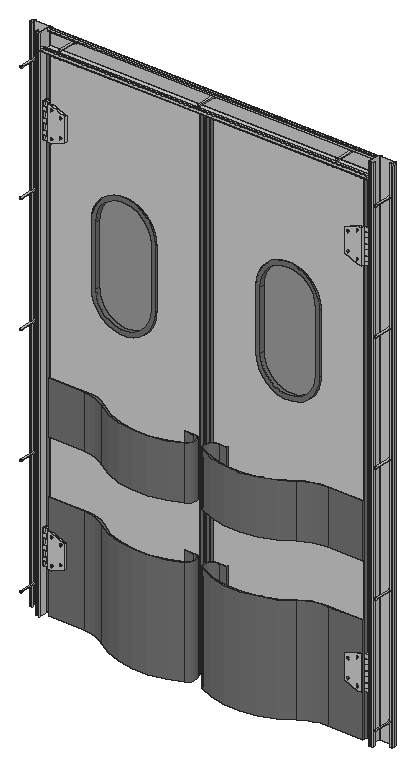
Revit family "Дверь МДД1", category Двери, Revit 2015 (continued)
Definition of nested family "УГО_Маятниковой двери"
  Nested families
    nested 1: "УГО_отбойник изогнутый" at (74, 317, 0) x (0, -1, 0) z (0, 0, 1), visible <- "Отбойники", type "УГО_отбойник изогнутый", detail levels fine
      with x 156 mm, h 120 mm, a 14.8572°, Y 330.926 mm, Rmed 172.1 mm, R 344.2 mm, L 674 mm
    nested 2: "УГО_отбойник изогнутый" at (34, 317, 0) x (0, -1, 0) z (0, 0, 1), visible <- "Отбойники", type "УГО_отбойник изогнутый", detail levels fine
      with x 156 mm, h 120 mm, a 14.8572°, Y 330.926 mm, Rmed 172.1 mm, R 344.2 mm, L 674 mm
  Definition of nested family "УГО_отбойник изогнутый"
    Parameters (values of type "УГО_отбойник изогнутый")
      Analytic Construction = "<Нет>"
      x [instance] = sqrt((L / 2 - 25 mm) / 2) ^ 2  # 237.5 mm
      h [instance] = 120 mm  # constant formula
      a [instance] = asin(40 mm / x)  # 9.69603°
      Y [instance] = sqrt((R + Rmed) ^ 2 - (R + Rmed - h) ^ 2)  # 503.814 mm
      Rmed [instance] = R / 2  # 372.539 mm
      R [instance] = 40 mm + x / 2 / sin(a)  # 745.078 mm
      L [instance] = 1000 mm
    Reference planes
      plane 1 "Center (Front/Back)": y = 0
      plane 2: z = 0
      plane 3 "Center (Left/Right)": x = 0
      plane 4: x = -500
      plane 5: x = 500
      plane 6: x = -475
      plane 7: x = -237.5
      plane 8: x = 266.314
      plane 9: y = 372.539
      plane 10: y = 120
      plane 11: y = 80
      plane 12: y = 40
      plane 13: y = -625.078
    Lines and regions (mm)
      symbolic lines
        curve 1: arc (-475, 0, 0) -> (-513.282, 28.404, 0) -> (-497.196, 73.277, 0) r 40
        curve 2: arc (98.376, 40, 0) -> (-195.935, 118.84, 0) -> (-497.196, 73.277, 0) r 745.078
        curve 3: arc (266.314, 0, 0) -> (179.996, 10.138, 0) -> (98.376, 40, 0) r 372.539
        curve 4: line (266.314, 0, 0) -> (500, 0, 0)
    Dimensions and locks
      equal spacing: plane 4, plane 3 "Center (Left/Right)", plane 5
      "L": plane 4 to plane 5
      locked: plane 4 to plane 6 at 25
      equal spacing: plane 6, plane 7, plane 3 "Center (Left/Right)"
      "Y": plane 7 to plane 8
      "Rmed": plane 1 "Center (Front/Back)" to plane 9
      "h": plane 1 "Center (Front/Back)" to plane 10
      equal spacing: plane 1 "Center (Front/Back)", plane 12, plane 11, plane 10
      "R": plane 13 to plane 10
      "R": radius of curve 2
      "Rmed": radius of curve 3
      aligned and locked: level to plane 2
      aligned and locked: plane 13 to curve 2
      aligned and locked: plane 7 to curve 2
      aligned and locked: plane 9 to curve 3
      aligned and locked: plane 8 to curve 3
    Automatic sketch dimensions
      plane 1 "Center (Front/Back)" to curve 1 = 0 mm
      curve 1 to plane 6 = 0 mm
      curve 4 to plane 5 = 0 mm
      curve 1 to plane 12 = 0 mm
